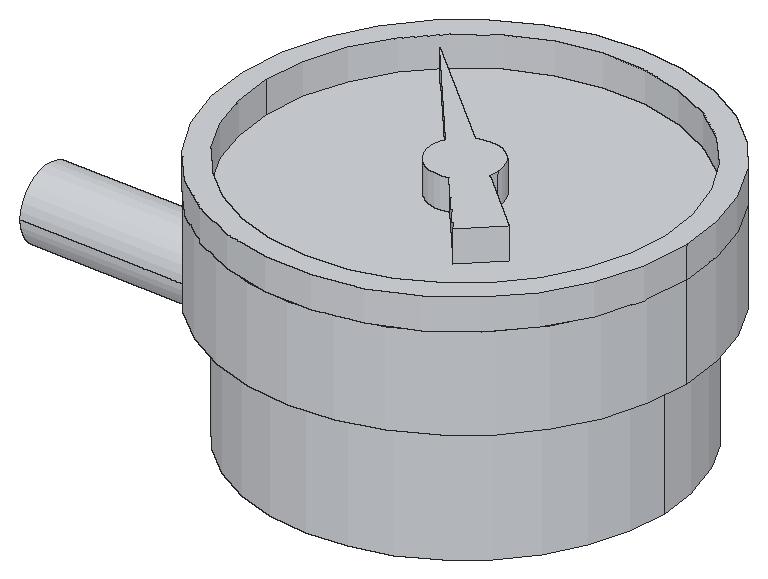
Revit family "M_Manômetro de pressão", category Acessórios do tubo, Revit 2019
Family settings
  Cota do conector redondo = Usar raio
  Tipo de parte = Sensor
  Número OmniClass = 23.60.10.14
  Título OmniClass = Pressure Measuring Instruments
  ID de item do Seek = Pressure Gauge-0000-CAN-ENU
  Com base no plano de trabalho = Não
  Sempre na vertical = Sim
  Corte com vazios quando carregada = Não
  Compartilhado = Não
Parameters (values of type "Mostrador de 50 mm - 8 mm")
  Espessura = 28 mm
  Método de perda = Não definido
  Raio do mostrador 5 = Raio do mostrador 4 * 1.5  # 3.75 mm
  Raio do mostrador 4 = Raio do mostrador * 0.1  # 2.5 mm
  Raio do mostrador 3 = Raio do mostrador * 0.8  # 20 mm
  Raio do mostrador 2 = Raio do mostrador * 0.5  # 12.5 mm
  Raio do mostrador 1 = Raio do mostrador * 0.9  # 22.5 mm
  Raio do mostrador = Diâmetro do mostrador / 2  # 25 mm
  Diâmetro do mostrador = 50 mm
  Raio nominal = 4 mm
  Diâmetro nominal = Raio nominal * 2  # 8 mm
  Comprimento 7 = Raio do mostrador 3 / 4  # 5 mm
  Comprimento 6 = Raio do mostrador 2 * sin(45.00°)  # 8.839 mm
  Comprimento 5 = Raio do mostrador 4 * 2 * sin(45.00°)  # 3.536 mm
  Comprimento 4 = Raio do mostrador 2 * sin(45.00°) - Raio do mostrador 4 * sin(45.00°)  # 7.071 mm
  Comprimento 3 = Raio do mostrador 2 * sin(45.00°) + Raio do mostrador 4 * sin(45.00°)  # 10.607 mm
  Comprimento 2 = Raio do mostrador 3 * sin(45.00°)  # 14.142 mm
  Comprimento 1 = Espessura / 4  # 7 mm
  Altura = 72 mm
  Material do manômetro = none
Types (5, lengths in mm): name | Espessura | Raio do mostrador 5 | Raio do mostrador 4 | Raio do mostrador 3 | Raio do mostrador 2 | Raio do mostrador 1 | Raio do mostrador | Diâmetro do mostrador | Comprimento 7 | Comprimento 6 | Comprimento 5 | Comprimento 4 | Comprimento 3 | Comprimento 2 | Comprimento 1 | Altura
  (no name) | 28 | 3.75 | 2.5 | 20 | 12.5 | 22.5 | 25 | 50 | 5 | 8.839 | 3.536 | 7.071 | 10.607 | 14.142 | 7 | 72
  Mostrador de 50 mm - 8 mm | 28 | 3.75 | 2.5 | 20 | 12.5 | 22.5 | 25 | 50 | 5 | 8.839 | 3.536 | 7.071 | 10.607 | 14.142 | 7 | 72
  63 mm Dial - 8 mm | 28 | 4.725 | 3.15 | 25.2 | 15.75 | 28.35 | 31.5 | 63 | 6.3 | 11.137 | 4.455 | 8.91 | 13.364 | 17.819 | 7 | 85
  Mostrador de 80 mm - 8 mm | 29 | 6 | 4 | 32 | 20 | 36 | 40 | 80 | 8 | 14.142 | 5.657 | 11.314 | 16.971 | 22.627 | 7.25 | 99
  Mostrador de 100 mm - 8 mm | 31 | 7.5 | 5 | 40 | 25 | 45 | 50 | 100 | 10 | 17.678 | 7.071 | 14.142 | 21.213 | 28.284 | 7.75 | 120
Reference planes
  plane 1 "Centro (Frente/Trás)": y = 0
  plane 2: z = 0
  plane 3 "Centro (Esquerda/Direita)": x = 0
  plane 4: x = 72
  plane 5: x = 47
  plane 6: z = 7
  plane 7: z = 14
  plane 8: z = 21
  plane 9: z = -7
  plane 10: z = 17.5
  plane 11: x = 32.858
  plane 12: x = 57.607
  plane 13: x = 54.071
  plane 14: y = -7.071
  plane 15: y = -10.607
  plane 16: y = 14.142
  plane 17: x = 22
  plane 18: y = -8.839
  plane 19: x = 55.839
Forms (mm)
  Extrusion 1, solid, material <- "Material do manômetro", detail levels fine
    sketch origin (0, 0, 0) x (1, 0, 0) y (0, 1, 0)
      loop
        circle (47, 0) r 25
      loop
        circle (47, 0) r 22.5
    from 17.5 to 21
  Extrusion 2, solid, material <- "Material do manômetro", detail levels fine
    sketch origin (0, 0, 0) x (1, 0, 0) y (0, 1, 0)
      loop
        circle (47, 0) r 22.5
    from -7 to 7
  Extrusion 3, solid, material <- "Material do manômetro", detail levels fine
    sketch origin (0, 0, 0) x (0, 1, 0) y (0, 0, 1)
      loop
        circle (0, 0) r 4
    from 0 to 47
  Extrusion 4, solid, material <- "Material do manômetro", detail levels fine
    sketch origin (0, 0, 0) x (1, 0, 0) y (0, 1, 0)
      loop
        line (32.858, 14.142) -> (54.071, -10.607) -> (57.607, -7.071) -> (32.858, 14.142)
    from 17.5 to 21
  Extrusion 5, solid, material <- "Material do manômetro", detail levels fine
    sketch origin (0, 0, 0) x (1, 0, 0) y (0, 1, 0)
      loop
        circle (47, 0) r 3.75
    from 17.5 to 21
  Extrusion 6, solid, material <- "Material do manômetro", detail levels fine
    sketch origin (0, 0, 0) x (1, 0, 0) y (0, 1, 0)
      loop
        circle (47, 0) r 25
    from 7 to 17.5
Cuts and joins
  joined: Extrusion 1, Extrusion 2, Extrusion 3, Extrusion 4, Extrusion 5, Extrusion 6
Lines and regions (mm)
  model lines, detail levels coarse+medium
    curve 1: circle (47, 0, 0) r 25 normal (0, 0, 1)
    curve 2: line (0, 0, 0) -> (22, 0, 0)
    curve 3: line (47, 0, 0) -> (38.161, 8.839, 0)
    curve 4: line (47, 0, 0) -> (55.839, -8.839, 0)
    curve 5: line (55.839, -8.839, 0) -> (54.404, -5.374, 0)
    curve 6: line (55.839, -8.839, 0) -> (52.374, -7.404, 0)
Dimensions and locks
  "Altura": plane 3 "Centro (Esquerda/Direita)" to plane 4
  "Raio do mostrador": plane 5 to plane 4
  "Comprimento 1": plane 6 to plane 2
  "Comprimento 1": plane 7 to plane 6
  "Comprimento 1": plane 8 to plane 7
  "Comprimento 1": plane 2 to plane 9
  equal spacing: plane 8, plane 10, plane 7
  "Comprimento 2": plane 11 to plane 5
  "Comprimento 2": plane 1 "Centro (Frente/Trás)" to plane 16
  "Comprimento 4": plane 5 to plane 13
  "Comprimento 3": plane 15 to plane 1 "Centro (Frente/Trás)"
  "Comprimento 5": plane 15 to plane 14
  "Comprimento 5": plane 13 to plane 12
  "Raio do mostrador": plane 17 to plane 5
  "Raio do mostrador 2": curve 3 to curve 3
  "Raio do mostrador 2": curve 4 to curve 4
  "Comprimento 6": plane 5 to plane 19
  "Comprimento 6": plane 1 "Centro (Frente/Trás)" to plane 18
  "Raio do mostrador 5": curve 5 to curve 5
  "Raio do mostrador 5": curve 6 to curve 6
  "Raio do mostrador": radius of Extrusion 1 sketch curve
  "Raio do mostrador 1": radius of Extrusion 1 sketch curve
  "Raio do mostrador 1": radius of Extrusion 2 sketch curve
  "Raio nominal": radius of Extrusion 3 sketch curve
  "Raio do mostrador 5": radius of Extrusion 5 sketch curve
  "Raio do mostrador": radius of curve 1
  "Raio do mostrador": radius of Extrusion 6 sketch curve
  locked: curve 3 to plane 1 "Centro (Frente/Trás)" (angle 45.00°)
  locked: curve 4 to plane 1 "Centro (Frente/Trás)" (angle 45.00°)
  locked: plane 19 to curve 5 (angle 22.50°)
  locked: curve 6 to plane 18 (angle 22.50°)
  aligned and locked: plane 1 "Centro (Frente/Trás)" to Extrusion 1 sketch curve  (x2)
  aligned and locked: plane 5 to Extrusion 1 sketch curve  (x2)
  aligned and locked: Extrusion 1 to plane 10
  aligned and locked: plane 8 to Extrusion 1
  aligned and locked: plane 1 "Centro (Frente/Trás)" to Extrusion 2 sketch curve
  aligned and locked: plane 5 to Extrusion 2 sketch curve
  aligned and locked: Extrusion 2 to plane 9
  aligned and locked: plane 6 to Extrusion 2
  aligned and locked: plane 2 to Extrusion 3 sketch curve
  aligned and locked: plane 1 "Centro (Frente/Trás)" to Extrusion 3 sketch curve
  aligned and locked: Extrusion 3 to plane 3 "Centro (Esquerda/Direita)"
  aligned and locked: plane 5 to Extrusion 3
  aligned and locked: Extrusion 4 to plane 10
  aligned and locked: plane 8 to Extrusion 4
  aligned and locked: plane 1 "Centro (Frente/Trás)" to Extrusion 5 sketch curve
  aligned and locked: plane 5 to Extrusion 5 sketch curve
  aligned and locked: Extrusion 5 to plane 10
  aligned and locked: plane 8 to Extrusion 5
  aligned and locked: plane 16 to Extrusion 4 sketch curve
  aligned and locked: plane 11 to Extrusion 4 sketch curve
  aligned and locked: plane 15 to Extrusion 4 sketch curve
  aligned and locked: plane 12 to Extrusion 4 sketch curve
  aligned and locked: plane 13 to Extrusion 4 sketch curve
  aligned and locked: plane 14 to Extrusion 4 sketch curve
  aligned and locked: plane 1 "Centro (Frente/Trás)" to curve 1
  aligned and locked: plane 5 to curve 1
  aligned and locked: plane 3 "Centro (Esquerda/Direita)" to curve 2
  aligned and locked: plane 1 "Centro (Frente/Trás)" to curve 2
  aligned and locked: plane 1 "Centro (Frente/Trás)" to curve 3
  aligned and locked: plane 5 to curve 3
  aligned and locked: plane 1 "Centro (Frente/Trás)" to Extrusion 6 sketch curve
  aligned and locked: plane 5 to Extrusion 6 sketch curve
  aligned and locked: Extrusion 6 to plane 6
  aligned and locked: plane 10 to Extrusion 6
Connectors
  piping at (0, 0, 0), diameter 8, driven by "Raio nominal"
    settings: on cut or joined group of Extrusion 1, Extrusion 2, Extrusion 3, Extrusion 4, Extrusion 5, Extrusion 6, index 1, connector inside diameter 8 mm, connector length 0 mm, flow factor 0, pipe flow 0.0 L/s, pressure drop 0.0 Pa, fitting loss kfactor 0, connector angle 0.00°, fixture units 0, engagement length 0 mm, angle of deflection 0.00°, flow configuration 0, flow direction 0, fitting loss method 0, system type 28, joint type 0, gender type 0, connector reference index -1, connector utility 0, adjustable connector no, is connector primary yes, connector description ""
